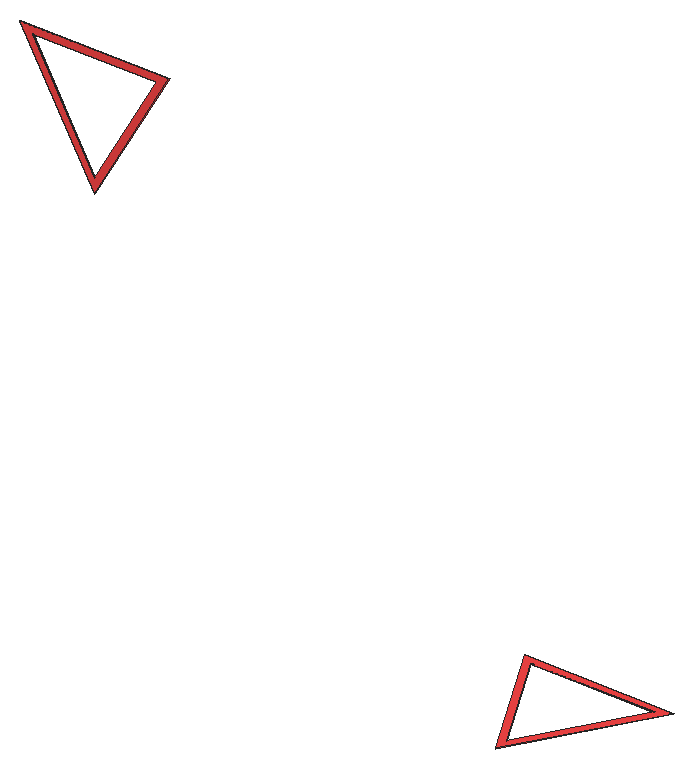
Revit family "FRW_Shared", category Generic Models, Revit 2024
Family settings
  Can host rebar = No
  Round Connector Dimension = Use Diameter
  Part Type = Normal
  Work Plane-Based = Yes
  Always vertical = Yes
  Cut with Voids When Loaded = No
  Maintain Annotation Orientation = No
  Shared = Yes
  Room Calculation Point = No
Parameters (values of type "FRW_Main")
  symbol_H [instance] = 1500 mm
  notes = "this is a shared family for all plot 9"
  H symbol offset [instance] = 700 mm
  Default Elevation = 1219.2 mm
Reference planes
  plane 1 "Center (Front/Back)": y = 0
  plane 2: z = 0
  plane 3 "Center (Left/Right)": x = 0
  plane 4: z = 1500
  plane 5: y = 700
Forms (mm)
  Extrusion 1, solid, not visible
    sketch origin (349.558, -482.168, 0) x (1, 0, 0) y (0, 1, 0)
      loop
        line (-392.058, 524.668) -> (-392.058, 439.668) -> (-307.058, 439.668) -> (-307.058, 524.668) -> (-392.058, 524.668)
    from 0 to 4500
Dimensions and locks
  "H symbol offset": plane 1 "Center (Front/Back)" to plane 5
  "symbol_H": plane 2 to plane 4
  plane 2 to nested 5 = 500 mm
  aligned and locked: plane 2 to level
  aligned and locked: plane 3 "Center (Left/Right)" to nested 1
  aligned and locked: plane 3 "Center (Left/Right)" to nested 2
  aligned and locked: plane 3 "Center (Left/Right)" to nested 3
  aligned and locked: nested 3 to plane 4
  aligned and locked: nested 4 to plane 4
  aligned and locked: plane 3 "Center (Left/Right)" to nested 4
  aligned and locked: plane 3 "Center (Left/Right)" to nested 5
  aligned and locked: nested 5 to plane 5
  aligned and locked: nested 6 to plane 5
  aligned and locked: plane 3 "Center (Left/Right)" to nested 6
Automatic sketch dimensions
  Extrusion 1 sketch curve to plane 3 "Center (Left/Right)" = 42.5 mm
  plane 3 "Center (Left/Right)" to Extrusion 1 sketch curve = 42.5 mm
  plane 1 "Center (Front/Back)" to Extrusion 1 sketch curve = 42.5 mm
  Extrusion 1 sketch curve to plane 1 "Center (Front/Back)" = 42.5 mm
Nested families
  nested 1: "FRW_Symbol_COARSE" at (0, 1037.113, 0), type "DD", not visible, detail levels medium
  nested 2: "FRW_Symbol_FINE" at (0, 901.794, 0), type "DD", not visible, detail levels fine
  nested 3: "FRW_SHAPE COARSE_V" at (0, 0, 1500) x (1, 0, 0) z (0, -1, 0), type "DD", detail levels coarse+medium
  nested 4: "FRW_SHAPE FINE_V" at (0, 0, 1500) x (1, 0, 0) z (0, -1, 0), type "DD", detail levels fine
  nested 5: "FRW_SHAPE COARSE_H" at (0, 700, 500), type "DD", detail levels coarse+medium
  nested 6: "FRW_SHAPE FINE_H" at (0, 700, 500), type "DD", detail levels fine
Definition of nested family "FRW_SHAPE COARSE_V"
  Parameters (values of type "DD")
    Default Elevation = 1219.2 mm
  Reference planes
    plane 1 "Center (Front/Back)": y = 0
    plane 2: z = 0
    plane 3 "Center (Left/Right)": x = 0
  Forms (mm)
    Extrusion 1, solid
      sketch origin (0, 520, 0) x (1, 0, 0) y (0, 1, 0)
        loop
          line (259, -71.399) -> (-259, -71.399) -> (0, -520) -> (259, -71.399)
        loop
          line (181.058, -116.399) -> (-181.058, -116.399) -> (0, -430) -> (181.058, -116.399)
      from -1 to 0
  Dimensions and locks
    aligned and locked: plane 2 to level
Definition of nested family "FRW_SHAPE FINE_V"
  Parameters (values of type "DD")
    Default Elevation = 1219.2 mm
  Reference planes
    plane 1 "Center (Front/Back)": y = 0
    plane 2: z = 0
    plane 3 "Center (Left/Right)": x = 0
  Forms (mm)
    Extrusion 1, solid
      sketch origin (0, 0, 0) x (1, 0, 0) y (0, 1, 0)
        loop
          line (0, 0) -> (104, 180.133) -> (-104, 180.133) -> (0, 0)
        loop
          line (-86.679, 170.133) -> (0, 20) -> (86.679, 170.133) -> (-86.679, 170.133)
      from -1 to 0
  Dimensions and locks
    aligned and locked: plane 2 to level
Definition of nested family "FRW_SHAPE COARSE_H"
  Parameters (values of type "DD")
    Default Elevation = 1219.2 mm
  Reference planes
    plane 1 "Center (Front/Back)": y = 0
    plane 2: z = 0
    plane 3 "Center (Left/Right)": x = 0
  Forms (mm)
    Extrusion 1, solid
      sketch origin (0, 520, 0) x (1, 0, 0) y (0, 1, 0)
        loop
          line (259, -71.399) -> (-259, -71.399) -> (0, -520) -> (259, -71.399)
        loop
          line (-181.058, -116.399) -> (0, -430) -> (181.058, -116.399) -> (-181.058, -116.399)
      from -1 to 0
  Dimensions and locks
    aligned and locked: plane 2 to level
Definition of nested family "FRW_SHAPE FINE_H"
  Parameters (values of type "DD")
    Default Elevation = 1219.2 mm
  Reference planes
    plane 1 "Center (Front/Back)": y = 0
    plane 2: z = 0
    plane 3 "Center (Left/Right)": x = 0
  Forms (mm)
    Extrusion 1, solid
      sketch origin (0, 0, 0) x (1, 0, 0) y (0, 1, 0)
        loop
          line (0, 0) -> (104, 180.133) -> (-104, 180.133) -> (0, 0)
        loop
          line (86.679, 170.133) -> (-86.679, 170.133) -> (0, 20) -> (86.679, 170.133)
      from -1 to 0
  Dimensions and locks
    aligned and locked: plane 2 to level
Definition of nested family "FRW_Symbol_COARSE"
  Reference planes
    plane 1: y = 0
    plane 2: x = 0
  Lines and regions (mm)
    Filled region 1, type "FRW"
      outline origin (0, 0, 0) x (1, 0, 0) y (0, 1, 0)
        loop
          line (-1.732, 3) -> (0, 0) -> (1.732, 3) -> (-1.732, 3)
        loop
          line (1.212, 2.7) -> (-1.212, 2.7) -> (0, 0.6) -> (1.212, 2.7)
Definition of nested family "FRW_Symbol_FINE"
  Reference planes
    plane 1: y = 0
    plane 2: x = 0
  Lines and regions (mm)
    Filled region 1, type "FRW"
      outline origin (0, 6, 0) x (1, 0, 0) y (0, 1, 0)
        loop
          line (-5.196, 3) -> (0, -6) -> (5.196, 3) -> (-5.196, 3)
        loop
          line (4.33, 2.5) -> (-4.33, 2.5) -> (0, -5) -> (4.33, 2.5)
